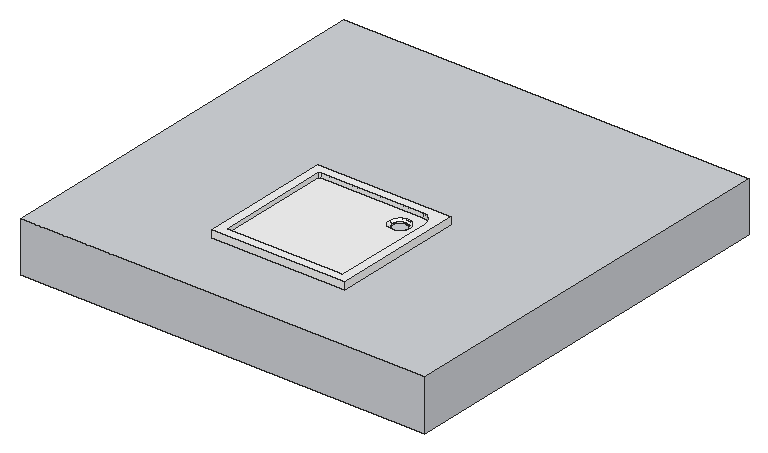
Revit family "IS_ConnectAir_E0988_BIM_DE", category Plumbing Fixtures, host Face, Revit 2014
Parameters (values of type "E098801 - Connect Air rectangular shower tray")
  WarrantyStartDate [instance] = "1900-12-31T23:59:59"
  WarrantyGuarantorParts = "idealstandard.de@idealstandard.com"
  WarrantyGuarantorLabor = "n/a"
  WarrantyDurationUnit = "year"
  WarrantyDurationParts = "n/a"
  WarrantyDurationLabor = "n/a"
  WarrantyDescription = "Manufacturers Warranty"
  VolumeUnits = "Litres"
  Version = "1"
  Uniclass2015Version = "Products v1.1"
  Uniclass2015Title = "Shower trays"
  Uniclass2015Code = "Pr_40_20_06_84"
  URL = "www.idealstandard.com"
  Type Comments = "n/a"
  TagNumber [instance] = "n/a"
  TMV3 = no
  SustainabilityPerformance = "n/a"
  SpareParts = "www.idealstandard.de/ersatzteile"
  Space = "Internal"
  Size = "800x800x40mm"
  ShowerType = "n/a"
  ShowerHeadDescription = "n/a"
  Shape = "Rectangular"
  SerialNumber [instance] = "n/a"
  Revision = "n/a"
  ReplacementCost = "n/a"
  ProductInformation = "www.idealstandard.de/produkte"
  Phone = "+49228 5210"
  NominalWidth = 800 mm
  NominalLength = 800 mm
  NominalHeight = 40 mm
  NettWeight = "13 kg"
  Name = "ShowerTrays_ConnectAir_E098801_IdealStandard"
  NBSTypeID = "n/a"
  NBSReference = "45-35-70/336"
  NBSOfficeMasterTag = "n/a"
  NBSNote = "n/a"
  NBSDescription = "Shower trays"
  NBSCertification = "n/a"
  ModelReference = Description  # "Connect Air rectangular shower tray"
  ModelNumber = Model  # "E098801"
  MaterialThickness = 0 mm
  Material = "Acrylic"
  ManufacturerURL = "www.idealstandard.com"
  LinearUnits = "millimeters"
  Keynote = "n/a"
  InstallationInstructions = "www.idealstandard.de/produkte"
  InstallationDate [instance] = "1900-12-31T23:59:59"
  IfcExportType = "SHOWER"
  IfcExportAs = "IfcSanitaryTerminalType"
  Help = "idealstandard.de@idealstandard.com"
  HasTray = yes
  HWFU = 0
  GrossWeight = "n/a"
  Grade = "n/a"
  Finish = "white"
  Features = "Connect Air rectangular shower tray"
  ExpectedLife = "25"
  DurationUnit = "year"
  DrainSize = 90 mm
  CurrencyUnit = "n/a"
  CreatedOn = "2016-11-09"
  Cost = 0
  Constituents = "n/a"
  ConnectionType = "Plumbing"
  Color = "White"
  CodePerformance = "DIN EN 14527, DIN EN 251, DIN EN 249"
  Category = "SanitaryTerminal_SHOWER"
  Reference = "n/a"
  Model = "E098801"
  Manufacturer = "idealstandard.de@idealstandard.com"
  Description = "Connect Air rectangular shower tray"
  Default Elevation = 0 mm
  CWFU = 0
  Brand = "Ideal Standard"
  BarCode = "5017830518600"
  BIMObjectName = "ISI_IdealStandard_ShowerTrays_ConnectAir_E098801"
  Author = "Ideal Standard GmbH"
  AssetType = "Fixed"
  AssetIdentifier [instance] = "n/a"
  Assembly Code = "C1030200"
  AreaUnits = "millimeters"
  AreaMeasurement = "n/a"
  Accessories = "www.idealstandard.de\\ersatzteile"
  AccessibilityPerformance = "n/a"
Reference planes
  plane 1 "Center (Front/Back)": y = 0
  plane 2: z = 0
  plane 3 "Center (Left/Right)": x = 0
  plane 4: x = 400
  plane 5: y = -800
  plane 6: x = -400
  plane 7: x = 350
  plane 8: y = -50
  plane 9: y = -750
  plane 10: x = -350
  plane 11: x = 230
  plane 12: y = -170
  plane 13: z = 40
  plane 14: z = 15
Forms (mm)
  Extrusion 1, solid
    sketch origin (0, 0, 0) x (1, 0, 0) y (0, 1, 0)
      loop
        line (-1219.2, 1219.2) -> (-1219.2, -1219.2) -> (1219.2, -1219.2) -> (1219.2, 1219.2) -> (-1219.2, 1219.2)
    from 0 to -304.8
  Extrusion 2, solid, material "IS_RenderMaterial_VitreousChina"
    sketch origin (0, 0, 0) x (1, 0, 0) y (0, 1, 0)
      loop
        line (-400, 0) -> (-400, -800) -> (400, -800) -> (400, 0) -> (-400, 0)
    from 0 to 40
  Extrusion 3, void
    sketch origin (0, -815.633, 15) x (0, 1, 0) y (-1, 0, 0)
      loop
        arc (765.633, 340) -> (762.704, 347.071) -> (755.633, 350) r 10
        line (755.633, 350) -> (75.633, 350)
        arc (75.633, 350) -> (68.562, 347.071) -> (65.633, 340) r 10
        line (65.633, 340) -> (65.633, -340)
        arc (65.633, -340) -> (68.562, -347.071) -> (75.633, -350) r 10
        line (75.633, -350) -> (685.633, -350)
        arc (685.633, -350) -> (742.201, -326.569) -> (765.633, -270) r 80
        line (765.633, -270) -> (765.633, 340)
    from 0 to 25
  Revolve 4, void
    sketch origin (279.002, -170, 1219.2) x (1, 0, 0) y (0, 0, 1)
      loop
        line (-49.002, -1204.2) -> (-111.01, -1204.2) -> (-94.002, -1215.196) -> (-94.002, -1219.2) -> (-49.002, -1219.2) -> (-49.002, -1204.2)
      axis (-49.002, -1219.2) -> (-49.002, -1204.2)
    angle from 0 to 360
  Revolve 5, solid, material "IS_RenderMaterial_VitreousChina"
    sketch origin (279.002, -170, 1219.2) x (1, 0, 0) y (0, 0, 1)
      loop
        line (-94.002, -1219.2) -> (-109.002, -1219.2) -> (-99.002, -1229.2) -> (-94.002, -1229.2) -> (-94.002, -1219.2)
      axis (-49.002, -1219.2) -> (-49.002, -1229.2)
    angle from 0 to 360
  Revolve 6, void
    sketch origin (279.002, -170, 1219.2) x (1, 0, 0) y (0, 0, 1)
      loop
        line (-49.002, -1219.2) -> (-109.002, -1219.2) -> (-99.002, -1229.2) -> (-49.002, -1229.2) -> (-49.002, -1219.2)
      axis (-49.002, -1229.2) -> (-49.002, -1219.2)
    angle from 0 to 360
Cuts and joins
  Extrusion 3, Revolve 4 cuts Extrusion 2
  joined: Extrusion 2, Revolve 5
Dimensions and locks
  "NominalWidth": plane 6 to plane 4
  "NominalHeight": plane 13 to Extrusion 1
  "NominalLength": plane 1 "Center (Front/Back)" to plane 5
  aligned and locked: plane 2 to Extrusion 1
  aligned and locked: level to Extrusion 1
  aligned and locked: plane 1 "Center (Front/Back)" to Extrusion 2 sketch curve
  aligned and locked: Extrusion 2 sketch curve to plane 6
  aligned and locked: Extrusion 2 sketch curve to plane 5
  aligned and locked: Extrusion 2 sketch curve to plane 4
  aligned and locked: Extrusion 2 to plane 13
  aligned and locked: Extrusion 3 sketch curve to plane 8
  aligned and locked: plane 10 to Extrusion 3 sketch curve
  aligned and locked: Extrusion 3 sketch curve to plane 9
  aligned and locked: plane 7 to Extrusion 3 sketch curve
  aligned and locked: Extrusion 2 to Extrusion 3
Automatic sketch dimensions
  Extrusion 1 sketch curve to Extrusion 1 sketch curve = 2438.4 mm  (x2)
  Extrusion 3 sketch curve to plane 9 = 10 mm  (x2)
  plane 11 to Extrusion 3 sketch curve = 40 mm
  Extrusion 3 sketch curve to plane 8 = 10 mm
  Revolve 4 sketch curve to plane 14 = 0 mm  (x2)
  Revolve 4 sketch curve to level = 0 mm  (x2)
  Revolve 4 sketch curve to plane 11 = 0 mm  (x2)
  Revolve 4 sketch curve to Revolve 4 sketch curve = 45 mm
  Revolve 4 sketch curve to Revolve 4 sketch curve = 17.008 mm
  Revolve 4 sketch curve to Revolve 4 sketch curve = 4.004 mm
  Revolve 5 sketch curve to level = 0 mm  (x2)
  Revolve 5 sketch curve to plane 11 = 0 mm
  Revolve 5 sketch curve to level = 10 mm
  Revolve 5 sketch curve to plane 11 = 45 mm
  Revolve 5 sketch curve to Revolve 5 sketch curve = 5 mm
  Revolve 5 sketch curve to Revolve 5 sketch curve = 10 mm
  Revolve 5 sketch curve to level = 16.066 mm
  Revolve 6 sketch curve to level = 0 mm
  Revolve 6 sketch curve to plane 11 = 0 mm  (x2)
  Revolve 6 sketch curve to level = 10 mm
  Revolve 6 sketch curve to Revolve 6 sketch curve = 50 mm
  Revolve 6 sketch curve to Revolve 6 sketch curve = 10 mm  (x2)
  Revolve 6 sketch curve to plane 14 = 3.385 mm
Connectors
  piping at (230, -170, 0), diameter 90
    settings: on cut or joined group of Extrusion 2, Extrusion 3, Revolve 4, Revolve 5, index 1, connector inside diameter 24", connector length 0 mm, flow factor 0, pipe flow 0 GPM, pressure drop 0.00 psi, fitting loss kfactor 0, connector angle 0.00°, fixture units 0, engagement length 0 mm, angle of deflection 0.00°, flow configuration 2, flow direction 2, fitting loss method 0, system type 16, joint type 0, gender type 0, connector reference index -1, connector utility 0, adjustable connector no, is connector primary yes, connector description ""
